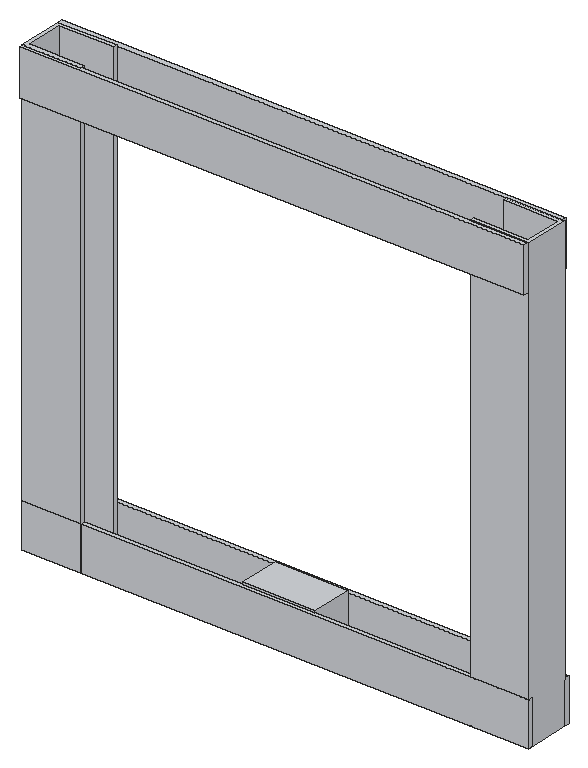
Revit family "Counterweight Frame", category Generic Models, Revit 2022
Family settings
  Can host rebar = No
  Round Connector Dimension = Use Diameter
  Part Type = Normal
  Work Plane-Based = No
  Always vertical = Yes
  Cut with Voids When Loaded = No
  Maintain Annotation Orientation = No
  Shared = No
  Room Calculation Point = No
Parameters
  LiftSheave_Diameter = 400
  CounterWeight_Weight = 1500
  Top Part Height = 250.465 mm
  Strike Plate Width = 200 mm
  Strike Plate Length = 227.16 mm
  Frame Width = 1400 mm
  Frame Thickness = 22.84 mm
  Frame Length = 250 mm
  Frame Insert = 300 mm
  Frame Inner Length = 50 mm
  Frame Height = 2500 mm
  Default Elevation = 0 mm
  Bottom Part Height = 240.746 mm
Reference planes
  plane 1 "Center (Front/Back)": y = 0
  plane 2: z = 0
  plane 3 "Center (Left/Right)": x = 0
Forms (mm)
  Extrusion 1, solid
    sketch origin (0, 0, 0) x (1, 0, 0) y (0, 1, 0)
      loop
        line (-1077.16, 0) -> (-1077.16, 22.84) -> (-1377.16, 22.84) -> (-1377.16, 227.16) -> (-1077.16, 227.16) -> (-1077.16, 250) -> (-1400, 250) -> (-1400, 0) -> (-1077.16, 0)
    from 0 to 2500
  Extrusion 2, solid
    sketch origin (0, 0, 0) x (1, 0, 0) y (0, 1, 0)
      loop
        line (-200, 22.84) -> (200, 22.84) -> (200, 250) -> (-200, 250) -> (-200, 22.84)
    from 0 to 250
  Extrusion 3, solid
    sketch origin (0, 0, 0) x (-1, 0, 0) y (0, -1, 0)
      loop
        line (-1077.16, 0) -> (-1400, 0) -> (-1400, -250) -> (-1077.16, -250) -> (-1077.16, -227.16) -> (-1377.16, -227.16) -> (-1377.16, -22.84) -> (-1077.16, -22.84) -> (-1077.16, 0)
    from 0 to 2500
  Extrusion 4, solid
    sketch origin (0, 0, 0) x (1, 0, 0) y (0, 0, 1)
      loop
        line (-1392, 2500) -> (-1392, 2249.535) -> (1392, 2249.535) -> (1392, 2500) -> (-1392, 2500)
    from 0 to 22.84
  Extrusion 5, solid
    sketch origin (0, 0, 0) x (1, 0, 0) y (0, 0, 1)
      loop
        line (-1400, 0) -> (1400, 0) -> (1400, 240.746) -> (-1400, 240.746) -> (-1400, 0)
    from 0 to -22.84
  Extrusion 6, solid
    sketch origin (0, 272.84, 0) x (1, 0, 0) y (0, 0, -1)
      loop
        line (-1400, 0) -> (-1400, -240.746) -> (1400, -240.746) -> (1400, 0) -> (-1400, 0)
    from 0 to -22.84
  Extrusion 7, solid
    sketch origin (-8, 272.84, 0) x (1, 0, 0) y (0, 0, 1)
      loop
        line (-1392, 2500) -> (-1392, 2249.535) -> (1392, 2249.535) -> (1392, 2500) -> (-1392, 2500)
    from 0 to 22.84
Lines and regions (mm)
  reference lines
    curve 1: line (-5031.973, 136.42, 0) -> (4768.027, 136.42, 0)
    curve 2: line (-2819.89, 108.95, 0) -> (4380.11, 108.95, 0)
    curve 3: line (-4465.698, 136.236, 0) -> (4534.302, 136.236, 0)
    curve 4: line (-1583.991, 121.716, 0) -> (1656.009, 121.716, 0)
Dimensions and locks
  "Frame Width": Extrusion 1 to plane 3 "Center (Left/Right)" to Extrusion 3
  "Frame Length": Extrusion 3 to Extrusion 3
  equal spacing: Extrusion 2, plane 3 "Center (Left/Right)", Extrusion 2
  "Strike Plate Width": Extrusion 2 to plane 3 "Center (Left/Right)" to Extrusion 2
  "Frame Height": Extrusion 1 to Extrusion 1
  "Frame Length": Extrusion 1 to Extrusion 1
  "Frame Height": Extrusion 3 to Extrusion 3
  "Strike Plate Length": Extrusion 2 to Extrusion 2
  "Frame Insert": Extrusion 1 to Extrusion 1
  "Frame Insert": Extrusion 3 to Extrusion 3
  "Frame Thickness": Extrusion 1 to Extrusion 1  (x3)
  "Frame Thickness": Extrusion 3 to Extrusion 3  (x3)
  "Top Part Height": Extrusion 4 to Extrusion 4
  "Bottom Part Height": Extrusion 5 to Extrusion 5
  "Frame Thickness": Extrusion 4 to Extrusion 4
  "Frame Thickness": Extrusion 5 to Extrusion 5
  equal spacing: Extrusion 2, curve 1, Extrusion 5
  aligned and locked: level to plane 2
  aligned and locked: Extrusion 2 to Extrusion 5
Automatic sketch dimensions
  plane 1 "Center (Front/Back)" to Extrusion 1 sketch curve = 0 mm
  Extrusion 1 sketch curve to plane 3 "Center (Left/Right)" = 1400 mm
  Extrusion 1 sketch curve to Extrusion 1 sketch curve = 22.84 mm  (x2)
  Extrusion 1 sketch curve to Extrusion 1 sketch curve = 300 mm
  Extrusion 1 sketch curve to Extrusion 1 sketch curve = 0 mm
  Extrusion 1 sketch curve to plane 1 "Center (Front/Back)" = 22.84 mm
  Extrusion 1 sketch curve to Extrusion 1 sketch curve = 204.32 mm
  Extrusion 2 sketch curve to plane 1 "Center (Front/Back)" = 22.84 mm
  Extrusion 2 sketch curve to plane 3 "Center (Left/Right)" = 200 mm
  plane 3 "Center (Left/Right)" to Extrusion 2 sketch curve = 200 mm
  Extrusion 2 sketch curve to plane 1 "Center (Front/Back)" = 250 mm
  plane 1 "Center (Front/Back)" to Extrusion 3 sketch curve = 0 mm
  plane 3 "Center (Left/Right)" to Extrusion 3 sketch curve = 1400 mm
  Extrusion 3 sketch curve to Extrusion 3 sketch curve = 22.84 mm  (x2)
  Extrusion 3 sketch curve to Extrusion 3 sketch curve = 300 mm
  Extrusion 3 sketch curve to Extrusion 3 sketch curve = 0 mm
  Extrusion 3 sketch curve to plane 1 "Center (Front/Back)" = 22.84 mm
  Extrusion 3 sketch curve to Extrusion 3 sketch curve = 204.32 mm
  Extrusion 4 sketch curve to plane 3 "Center (Left/Right)" = 1392 mm
  plane 3 "Center (Left/Right)" to Extrusion 4 sketch curve = 1392 mm
  level to Extrusion 4 sketch curve = 2249.535 mm
  Extrusion 4 sketch curve to Extrusion 4 sketch curve = 250.465 mm
  Extrusion 5 sketch curve to level = 0 mm
  level to Extrusion 5 sketch curve = 240.746 mm
  Extrusion 5 sketch curve to plane 3 "Center (Left/Right)" = 1400 mm
  plane 3 "Center (Left/Right)" to Extrusion 5 sketch curve = 1400 mm
  Extrusion 6 sketch curve to level = 0 mm
  level to Extrusion 6 sketch curve = 240.746 mm
  Extrusion 6 sketch curve to plane 3 "Center (Left/Right)" = 1400 mm
  plane 3 "Center (Left/Right)" to Extrusion 6 sketch curve = 1400 mm
  curve 1 to plane 1 "Center (Front/Back)" = 136.42 mm
  curve 1 to plane 3 "Center (Left/Right)" = 5031.973 mm
  curve 3 to plane 1 "Center (Front/Back)" = 136.236 mm
  curve 1 to curve 3 = 566.275 mm
  curve 2 to plane 1 "Center (Front/Back)" = 108.95 mm
  curve 3 to curve 2 = 1645.808 mm
  curve 4 to plane 1 "Center (Front/Back)" = 121.716 mm
  curve 2 to curve 4 = 1235.899 mm
  curve 4 to curve 2 = 2724.101 mm
  curve 2 to curve 3 = 154.192 mm
  curve 3 to curve 1 = 233.725 mm
  Extrusion 7 sketch curve to plane 3 "Center (Left/Right)" = 1400 mm
  plane 3 "Center (Left/Right)" to Extrusion 7 sketch curve = 1384 mm
  level to Extrusion 7 sketch curve = 2249.535 mm
  Extrusion 7 sketch curve to Extrusion 7 sketch curve = 250.465 mm
  plane 3 "Center (Left/Right)" to curve 4 = 1656.009 mm
